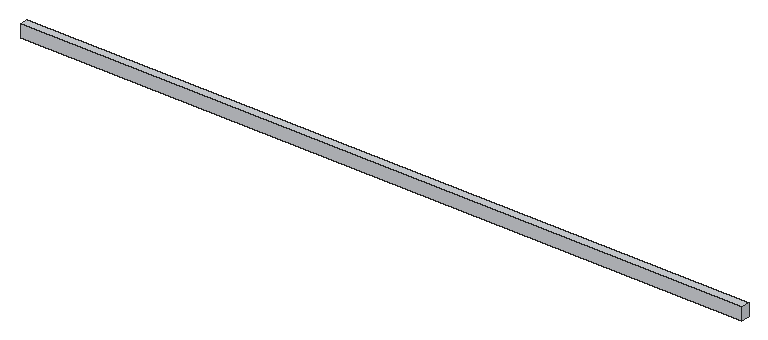
Revit family "LUMINOUS NEON RGB 1217_NF1217RGB", category Luminarias, Revit 2019
Family settings
  Cota de conector redondo = Diámetro de uso
  Tipo de pieza = Normal
  Se basa en plano de trabajo = Sí
  Siempre vertical = No
  Corte con vacíos al cargar = No
  Origen de luz = Sí
  Compartido = No
  Punto de cálculo de habitación = No
Parameters (values of type "LUMINOUS NEON RGB 1217_NF1217RGB")
  Tilt Angle = 60.00°
  Zone [instance] = ""
  Watt per fixture [instance] = (Longitud / 1000 mm) * (13.2)  # 13.2
  Wattage = 13.2 W
  built-in parameter 1150107 = 4000 (stored number, unit not read)
  built-in parameter 1150110 = 1 (stored number, unit not read)
  built-in parameter 1150109 = 1 (stored number, unit not read)
  built-in parameter 1150112 = 1 (stored number, unit not read)
  built-in parameter 1150113 = 1 (stored number, unit not read)
  built-in parameter 1114218 = 1 (stored number, unit not read)
  built-in parameter 1150137 = (empty or 0)
  built-in parameter 1150132 = (empty or 0)
  Modelo Lampara = "2835 SMD"
  Modelo = "NF1217RGB"
  Marca = "BRILLANT"
  Longitud de línea de emisión = 600 mm
  Longitud [instance] = 1000 mm
  built-in parameter 1150105 = 54.622 (stored number, unit not read)
  built-in parameter 1150102 = (empty or 0)
  built-in parameter 1150106 = 0.54622 (stored number, unit not read)
  Lumens = 686.4 lm
  Color Filter = 16777215
  built-in parameter 1114217 = 1 (stored number, unit not read)
  built-in parameter 1150139 = (empty or 0)
  Fabricante = "BRILLANT"
  Default Elevation = 0 mm
  built-in parameter 1150104 = 4.831 (stored number, unit not read)
  Descripción = "TIRA LUMINOSA NEON1217, CON UNA POTENCIA DE 13.2W/M DE UN TIPO DE LED 2835 SMD, USO PARA EXTERIORES IP67, IK 08, PRESENTACION DE 5M, CORTE 8.3CM, TEMPERATURA EN RGB, AMPERAJE A 0.5A, ALIMENTADO A 24V, REQUIERE ACCESORIOS."
  built-in parameter 1150115 = 1 (stored number, unit not read)
  built-in parameter 1150114 = 1 (stored number, unit not read)
  Costo USD_NF1217RGBW [instance] = (Longitud / 1000 mm) * (27)  # 27
  Comentarios de vataje = "24"
  built-in parameter 1150138 = (empty or 0)
  built-in parameter 1150134 = 12
  Circuit [instance] = ""
  Dimming Lamp Color Temperature Shift = (empty or 0)
  Archivo de red fotométrica = "NF1217RGB_LUMINOUS NEON RGB.IES"
  Ancho = 12 mm
  Altura = 17 mm
  built-in parameter 1150133 = 10 (stored number, unit not read)
Reference planes
  plane 1 "Centro (Frontal/Posterior)": y = 0
  plane 2: z = 0
  plane 3 "Centro (Izquierda/Derecha)": x = 0
  plane 4 "IZQ": x = -1000
  plane 5: z = 17
  plane 6: y = -6
  plane 7: y = 6
Forms (mm)
  Extrusion 1, solid
    sketch origin (0, 0, 0) x (1, 0, 0) y (0, 1, 0)
      loop
        line (-1000, 6) -> (-1000, -6) -> (0, -6) -> (0, 6) -> (-1000, 6)
    from 0 to 17
Dimensions and locks
  plane 5 to imposter light = 17 mm
  equal spacing: plane 6, plane 1 "Centro (Frontal/Posterior)", plane 7
  plane 6 to plane 1 "Centro (Frontal/Posterior)" = 6 mm
  "Ancho": plane 6 to plane 7
  "Altura": plane 5 to plane 2
  "Longitud": plane 4 "IZQ" to plane 3 "Centro (Izquierda/Derecha)"
  aligned and locked: level to plane 2
  aligned and locked: plane 4 "IZQ" to Extrusion 1
  aligned and locked: plane 5 to Extrusion 1
  aligned and locked: Extrusion 1 to plane 6
  aligned and locked: plane 3 "Centro (Izquierda/Derecha)" to Extrusion 1
Automatic sketch dimensions
  Extrusion 1 sketch curve to plane 4 "IZQ" = 0 mm
  plane 6 to Extrusion 1 sketch curve = 0 mm
  Extrusion 1 sketch curve to plane 1 "Centro (Frontal/Posterior)" = 6 mm
  plane 3 "Centro (Izquierda/Derecha)" to Extrusion 1 sketch curve = 0 mm
Connectors
  electrical at (0, 0, 8.5)
    settings: on Extrusion 1, index 1, voltage 24 V, apparent load 0 VA, apparent load phase1 0 VA, apparent load phase2 0 VA, apparent load phase3 0 VA, power factor 1, load classification "Otro", number of poles 1, system type 31, power factor state 1, is connector primary yes, connector utility no, sub classification motor no, connector description ""
